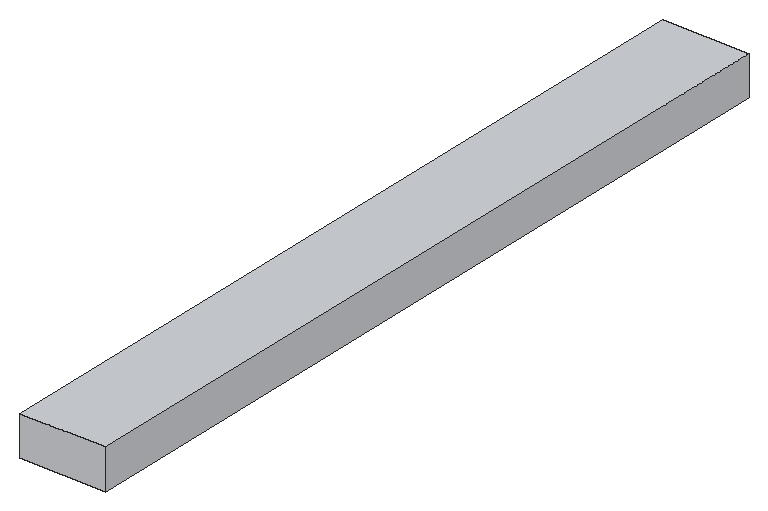
Revit family "三节苗垫苗木", category 常规模型, Revit 2022
Family settings
  可将钢筋附着到主体 = 否
  圆形连接件大小 = 使用直径
  零件类型 = 标准
  基于工作平面 = 否
  总是垂直 = 是
  加载时剪切的空心 = 否
  保持注释方向 = 否
  共享 = 否
  房间计算点 = 否
Parameters
  默认高程 = 0 mm
  高度 [instance] = 300 mm
  长度 = 6000 mm
  宽度 [instance] = 640 mm
Reference planes
  plane 1 "中心(前/后)": y = 0
  plane 2: z = 0
  plane 3 "中心(左/右)": x = 0
Forms (mm)
  Extrusion 1, solid
    sketch origin (0, 0, 0) x (1, 0, 0) y (0, 0, 1)
      loop
        line (-2150.843, -25.25) -> (-2150.843, -325.25) -> (-1510.843, -325.25) -> (-1510.843, -25.25) -> (-2150.843, -25.25)
    from -5255.672 to 744.328
Dimensions and locks
  "宽度": Extrusion 1 sketch curve to Extrusion 1 sketch curve
  "高度": Extrusion 1 sketch curve to Extrusion 1 sketch curve
  "长度": Extrusion 1 to Extrusion 1
  aligned and locked: level to plane 2
Automatic sketch dimensions
  Extrusion 1 sketch curve to level = 325.25 mm
  Extrusion 1 sketch curve to plane 3 "中心(左/右)" = 2150.843 mm
